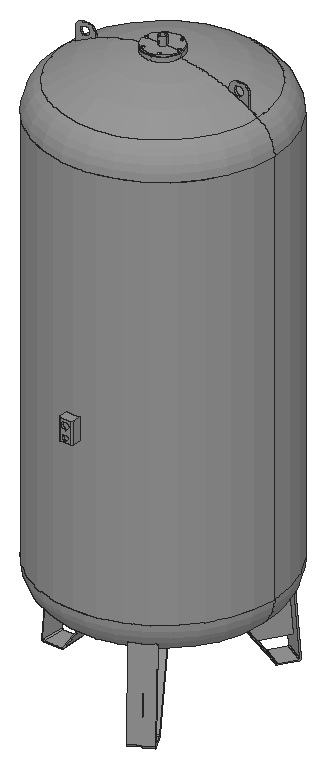
Revit family "WRV 5000", category Оборудование, Revit 2014
Parameters
  Описание = "Мембранный бак для отопления V=5000л, Py=10бар, 3\""
  Материал = Красная краска
  Масса кг = "830"
  Комментарии к типоразмеру = "WRV 5000"
  Изготовитель = "WESTER"  # constant formula
  URL = "http://www.wester.su/"
Reference planes
  plane 1 "По центру (Вперед/Назад)": y = 0
  plane 2: z = 0
  plane 3 "По центру (Влево/Вправо)": x = 0
Forms (mm)
  Revolve 1, solid, material "Красная краска" <- "Материал"
    sketch origin (161.5, 0, 805.958) x (0, 0, 1) y (-1, 0, 0)
      loop
        line (-440.974, 161.5) -> (2854.042, 161.5) -> (2854.042, 281.5)
        arc (2854.042, 281.5) -> (2795.796, 541.798) -> (2680.168, 782.168) r 1171.264
        arc (2680.168, 782.168) -> (2599.044, 858.694) -> (2491.045, 886.51) r 223.567
        line (2491.045, 886.51) -> (-87.689, 886.51)
        arc (-87.689, 886.51) -> (-195.692, 858.74) -> (-276.905, 782.32) r 223.91
        arc (-276.905, 782.32) -> (-380.245, 576.321) -> (-440.974, 354) r 1164.032
        line (-440.974, 354) -> (-440.974, 161.5)
      axis (-440.974, 161.5) -> (2854.042, 161.5)
    angle from 0 to 360
  Revolve 2, solid, material "Красная краска" <- "Материал"
    sketch origin (0, 0, 604.512) x (-1, 0, 0) y (0, 0, -1)
      loop
        line (0, 239.527) -> (192.5, 239.527) -> (192.5, 254.559) -> (166.016, 254.559) -> (166.016, 264.512) -> (192.5, 264.512) -> (192.5, 284.512) -> (46.842, 284.512) -> (46.842, 354.512) -> (42.318, 354.512) -> (42.318, 284.516) -> (0, 284.516) -> (0, 239.527)
      axis (0, 354.512) -> (0, 239.527)
    angle from 0 to 360
  Revolve 3, solid, material "Красная краска" <- "Материал"
    sketch origin (0, 0, 3063.511) x (1, 0, 0) y (0, 0, 1)
      loop
        line (-24.298, 686.489) -> (-24.298, 636.489) -> (-120.038, 636.489) -> (-120.038, 628.489) -> (-99.923, 628.489) -> (-99.923, 621.489) -> (-120.038, 621.489) -> (-120.038, 596.489) -> (0, 596.489) -> (0, 636.489) -> (-19.533, 636.489) -> (-19.533, 686.489) -> (-24.298, 686.489)
      axis (0, 686.489) -> (0, 596.489)
    angle from 0 to 360
  Extrusion 4, solid, material "Красная краска" <- "Материал"
    sketch origin (0, -96.875, 0) x (1, 0, 0) y (0, 1, 0)
      loop
        line (42.5, -683.125) -> (42.5, -620.115) -> (-42.5, -620.115) -> (-42.5, -683.125)
        arc (-42.5, -683.125) -> (-39.571, -690.196) -> (-32.5, -693.125) r 10
        line (-32.5, -693.125) -> (32.5, -693.125)
        arc (32.5, -693.125) -> (39.571, -690.196) -> (42.5, -683.125) r 10
    from 1720 to 1858
  Extrusion 5, void
    sketch origin (0, 0, 679.688) x (1, 0, 0) y (0, 0, 1)
      loop
        circle (0, 1139.927) r 25
      loop
        circle (0, 1069.302) r 20
    from 780 to 790
  Extrusion 6, solid, material "Красная краска" <- "Материал"
    sketch origin (0, 0, 720) x (1, 0, 0) y (0, 0, 1)
      loop
        line (435, 2780) -> (565, 2780) -> (565, 2880)
        arc (565, 2880) -> (550.355, 2915.355) -> (515, 2930) r 50
        line (515, 2930) -> (485, 2930)
        arc (485, 2930) -> (449.645, 2915.355) -> (435, 2880) r 50
        line (435, 2880) -> (435, 2780)
      loop
        circle (499.68, 2880) r 30
      loop
        line (-435, 2780) -> (-435, 2880)
        arc (-435, 2880) -> (-449.645, 2915.355) -> (-485, 2930) r 50
        line (-485, 2930) -> (-515, 2930)
        arc (-515, 2930) -> (-550.355, 2915.355) -> (-565, 2880) r 50
        line (-565, 2880) -> (-565, 2780) -> (-435, 2780)
      loop
        circle (-499.68, 2880) r 30
    from -3.5 to 3.5
  Extrusion 7, solid, material "Красная краска" <- "Материал"
    sketch origin (0, 0, 0) x (1, 0, 0) y (0, 0, 1)
      loop
        line (-308.495, 393.207) -> (-314.644, 394.926) -> (-591.289, 8.507)
        arc (-591.289, 8.507) -> (-593.425, 6.664) -> (-596.167, 6) r 6
        line (-596.167, 6) -> (-711.99, 6)
        arc (-711.99, 6) -> (-716.4, 7.932) -> (-717.971, 12.484) r 6
        line (-717.971, 12.484) -> (-672.153, 578.869) -> (-677.599, 585.961) -> (-723.951, 12.968)
        arc (-723.951, 12.968) -> (-720.811, 3.864) -> (-711.99, 0) r 12
        line (-711.99, 0) -> (-596.167, 0)
        arc (-596.167, 0) -> (-590.682, 1.327) -> (-586.41, 5.015) r 12
        line (-586.41, 5.015) -> (-308.495, 393.207)
    from -75 to 75
  Extrusion 8, solid, material "Красная краска" <- "Материал"
    sketch origin (0, 0, 0) x (1, 0, 0) y (0, 0, 1)
      loop
        line (-693.094, 320) -> (-709.273, 120) -> (-511.469, 120) -> (-368.285, 320) -> (-693.094, 320)
    from -3 to 3
  Extrusion 9, solid, material "Красная краска" <- "Материал"
    sketch origin (0.114, 0.197, 0) x (-0.5, -0.866025, 0) y (0, 0, 1)
      loop
        line (-308.495, 393.207) -> (-314.644, 394.926) -> (-591.289, 8.507)
        arc (-591.289, 8.507) -> (-593.425, 6.664) -> (-596.167, 6) r 6
        line (-596.167, 6) -> (-711.99, 6)
        arc (-711.99, 6) -> (-716.4, 7.932) -> (-717.971, 12.484) r 6
        line (-717.971, 12.484) -> (-672.153, 578.869) -> (-677.599, 585.961) -> (-723.951, 12.968)
        arc (-723.951, 12.968) -> (-720.811, 3.864) -> (-711.99, 0) r 12
        line (-711.99, 0) -> (-596.167, 0)
        arc (-596.167, 0) -> (-590.682, 1.327) -> (-586.41, 5.015) r 12
        line (-586.41, 5.015) -> (-308.495, 393.207)
    from -75 to 75
  Extrusion 10, solid, material "Красная краска" <- "Материал"
    sketch origin (0.072, -0.124, 0) x (-0.5, 0.866025, 0) y (0, 0, 1)
      loop
        line (-308.495, 393.207) -> (-314.644, 394.926) -> (-591.289, 8.507)
        arc (-591.289, 8.507) -> (-593.425, 6.664) -> (-596.167, 6) r 6
        line (-596.167, 6) -> (-711.99, 6)
        arc (-711.99, 6) -> (-716.4, 7.932) -> (-717.971, 12.484) r 6
        line (-717.971, 12.484) -> (-672.153, 578.869) -> (-677.599, 585.961) -> (-723.951, 12.968)
        arc (-723.951, 12.968) -> (-720.811, 3.864) -> (-711.99, 0) r 12
        line (-711.99, 0) -> (-596.167, 0)
        arc (-596.167, 0) -> (-590.682, 1.327) -> (-586.41, 5.015) r 12
        line (-586.41, 5.015) -> (-308.495, 393.207)
    from -75 to 75
  Extrusion 11, solid, material "Красная краска" <- "Материал"
    sketch origin (1.74, 0.986, 0) x (-0.5, 0.866025, 0) y (0, 0, 1)
      loop
        line (-693.094, 320) -> (-709.273, 120) -> (-511.469, 120) -> (-368.285, 320) -> (-693.094, 320)
    from -5 to 1
  Extrusion 12, solid, material "Красная краска" <- "Материал"
    sketch origin (0.005, 0.009, 0) x (-0.5, -0.866025, 0) y (0, 0, 1)
      loop
        line (-693.094, 320) -> (-709.273, 120) -> (-511.469, 120) -> (-368.285, 320) -> (-693.094, 320)
    from -3 to 3
Cuts and joins
  Extrusion 5 cuts Extrusion 4
  joined: Revolve 1, Extrusion 4, Extrusion 6
  joined: Extrusion 7, Extrusion 8
  joined: Extrusion 9, Extrusion 12
  joined: Extrusion 10, Extrusion 11
Dimensions and locks
  aligned and locked: level to plane 2
Nested families
  nested 1: "Болт" at (0, -175.057, 320) x (0, 1, 0) z (0, 0, -1), type "Болт"
  nested 2: "Болт" at (-123.981, -123.959, 320) x (-0.2588, 0.9659, 0) z (0, 0, -1), type "Болт"
  nested 3: "Болт" at (-175, 0, 320) x (1, 0, 0) z (0, 0, -1), type "Болт"
  nested 4: "Болт" at (123.52, 123.921, 320) x (-0.2588, 0.9659, 0) z (0, 0, -1), type "Болт"
  nested 5: "Болт" at (-123.576, 123.61, 320) x (0.2588, 0.9659, 0) z (0, 0, -1), type "Болт"
  nested 6: "Болт" at (123.798, -123.873, 320) x (0.9659, 0.2588, 0) z (0, 0, -1), type "Болт"
  nested 7: "Болт" at (175, 0, 320) x (-1, 0, 0) z (0, 0, -1), type "Болт"
  nested 8: "Болт" at (0, 175.033, 320) x (0, -1, 0) z (0, 0, -1), type "Болт"
  nested 9: "Болт" at (-108.026, 0, 3700) x (-1, 0, 0) z (0, 0, 1), type "Болт"
    with L 30 mm
  nested 10: "Болт" at (108.026, 0, 3700), type "Болт"
    with L 30 mm
  nested 11: "Болт" at (54.046, -93.483, 3700), type "Болт"
    with L 30 mm
  nested 12: "Болт" at (-54.046, -93.483, 3700) x (-1, 0, 0) z (0, 0, 1), type "Болт"
    with L 30 mm
  nested 13: "Болт" at (54.046, 93.483, 3700), type "Болт"
    with L 30 mm
  nested 14: "Болт" at (-54.046, 93.483, 3700) x (-1, 0, 0) z (0, 0, 1), type "Болт"
    with L 30 mm
Connectors
  piping at (0, 0, 250), diameter 80
    settings: on Revolve 2, index 1, connector inside diameter 609.6 mm, connector length 0 mm, flow factor 0, pipe flow 0.0 L/s, pressure drop 0.0 Pa, fitting loss kfactor 0, connector angle 0.00°, fixture units 0, engagement length 0 mm, angle of deflection 0.00°, flow configuration 1, flow direction 0, fitting loss method 0, system type 29, joint type 0, gender type 0, connector reference index -1, connector utility 0, adjustable connector no, is connector primary yes, connector description ""
Definition of nested family "Болт"
  Parameters (values of type "Болт")
    Default Elevation = 1219.2 mm
    L [instance] = 30 mm
  Reference planes
    plane 1 "По центру (Вперед/Назад)": y = 0
    plane 2: z = 0
    plane 3 "По центру (Влево/Вправо)": x = 0
    plane 4: z = -30
  Forms (mm)
    Extrusion 1, solid
      sketch origin (0, 0, 0) x (1, 0, 0) y (0, 1, 0)
        loop
          line (-1219.2, 1219.2) -> (-1219.2, -1219.2) -> (1219.2, -1219.2) -> (1219.2, 1219.2) -> (-1219.2, 1219.2)
      from 0 to -304.8
    Extrusion 2, solid, detail levels medium+fine
      sketch origin (0, 0, 0) x (0, 1, 0) y (-1, 0, 0)
        loop
          line (-6.5, -3.753) -> (0, -7.506) -> (6.5, -3.753) -> (6.5, 3.753) -> (0, 7.506) -> (-6.5, 3.753) -> (-6.5, -3.753)
      from 0 to 5.3
    Extrusion 3, solid, detail levels medium+fine
      sketch origin (0, 0, 0) x (1, 0, 0) y (0, 1, 0)
        loop
          circle (0, 0) r 4
      from -30 to 0
    Revolve 4, void
      sketch origin (0, 0, 0) x (1, 0, 0) y (0, 0, 1)
        loop
          line (-7.506, 4.447) -> (-6.413, 5.3) -> (-7.506, 5.3) -> (-7.506, 4.447)
        axis (0, 5.3) -> (0, 4.3)
      angle from 0 to 360
    Revolve 5, void
      sketch origin (0, 0, -51.56) x (1, 0, 0) y (0, 0, 1)
        loop
          line (-4, 21.56) -> (-2.365, 21.56) -> (-4, 23.195) -> (-4, 21.56)
        axis (0, 23.195) -> (0, 21.56)
      angle from 0 to 360
  Cuts and joins
    Revolve 4 cuts Extrusion 2
    Revolve 5 cuts Extrusion 3
    joined: Extrusion 2, Extrusion 3
  Dimensions and locks
    Extrusion 1 to cut or joined group of Extrusion 2, Extrusion 3, Revolve 4, Revolve 5 = 30 mm
    "L": level to plane 4
    locked: Revolve 5 sketch curve to plane 4 at 1.635
    aligned and locked: plane 2 to Extrusion 1
    aligned and locked: level to Extrusion 1
    aligned and locked: Revolve 4 sketch curve to plane 3 "По центру (Влево/Вправо)"
    aligned and locked: cut or joined group of Extrusion 2, Extrusion 3, Revolve 4, Revolve 5 to Revolve 4 sketch curve
    aligned and locked: Extrusion 3 to plane 4
    aligned and locked: cut or joined group of Extrusion 2, Extrusion 3, Revolve 4, Revolve 5 to plane 4
  Automatic sketch dimensions
    Extrusion 1 sketch curve to Extrusion 1 sketch curve = 2438.4 mm  (x2)
    plane 1 "По центру (Вперед/Назад)" to Extrusion 2 sketch curve = 0 mm  (x2)
    plane 1 "По центру (Вперед/Назад)" to Extrusion 2 sketch curve = 6.5 mm
    Extrusion 2 sketch curve to plane 1 "По центру (Вперед/Назад)" = 6.5 mm
    plane 3 "По центру (Влево/Вправо)" to Extrusion 2 sketch curve = 7.506 mm
    plane 3 "По центру (Влево/Вправо)" to Extrusion 2 sketch curve = 3.753 mm  (x2)
    Extrusion 2 sketch curve to plane 3 "По центру (Влево/Вправо)" = 3.753 mm  (x2)
    Extrusion 2 sketch curve to plane 3 "По центру (Влево/Вправо)" = 7.506 mm
    plane 1 "По центру (Вперед/Назад)" to Extrusion 3 sketch curve = 0 mm
    Extrusion 3 sketch curve to plane 3 "По центру (Влево/Вправо)" = 0 mm
    Revolve 4 sketch curve to plane 3 "По центру (Влево/Вправо)" = 6.413 mm
    Revolve 4 sketch curve to Revolve 4 sketch curve = 1.092 mm
    Revolve 4 sketch curve to Revolve 4 sketch curve = 0.853 mm
    Revolve 4 sketch curve to plane 4 = 544.04 mm
    Revolve 4 sketch curve to Revolve 4 sketch curve = 2603.758 mm
    plane 3 "По центру (Влево/Вправо)" to Revolve 5 sketch curve = 0 mm
    Revolve 5 sketch curve to plane 3 "По центру (Влево/Вправо)" = 2.365 mm
    Revolve 5 sketch curve to Revolve 5 sketch curve = 1.635 mm  (x2)
    Revolve 5 sketch curve to plane 4 = 595.6 mm
    level to Revolve 5 sketch curve = 2557.498 mm
    radius of Extrusion 3 sketch curve = 4 mm
